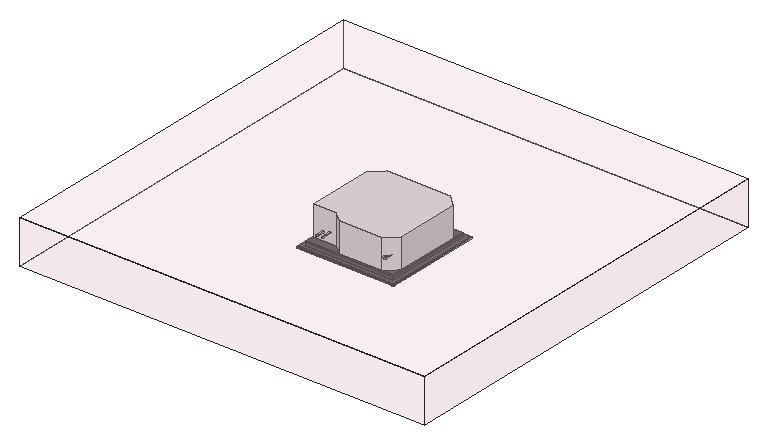
Revit family "Hitachi_Silent-iconic-design-white-EU_LOD400", category Mechanical Equipment, Revit 2018
Family settings
  Round Connector Dimension = Use Diameter
  Classification = None
  Part Type = Normal
  OmniClass Number = 23.75.70.00
  OmniClass Title = HVAC Distribution Devices
  Work Plane-Based = No
  Always vertical = Yes
  Cut with Voids When Loaded = No
  Shared = No
  Room Calculation Point = No
Parameters (values of type "RCI-6.0FSR1 + P-GP160NAP")
  Uniformat code = "D3040"
  Uniformat = "Distribution Systems"
  Sound Pressure Level (hi) = 49
  Sound Pressure Level (Me) = 45
  Sound Pressure Level (Lo) = 49
  Sound Pressure Level (Hi2) = 51
  Refrigerant Type = ""
  Object type = ""
  Nominal Heating Capacity = 18000 W
  Nominal Cooling Capacity = 16000 W
  Clearance Zone [instance] = yes
  Reference description = "Standard (Natural White)"
  Reference = "RCI-6.0FSR1 + P-GP160NAP"
  RCI Height = 298 mm
  Product Code = "RCI-6.0FSRP + P-GP160NAP"
  Overall width = 950 mm
  Overall height = 328 mm
  Overall depth = 950 mm
  Outlet Diameter = 32 mm
  OmniClass description = "Air Handling Units"
  OmniClass code = "23-33 25 00"
  Number of Phases = 1
  Nominal Voltage = 230 V
  Net Weight = 34.50 kg
  Name BIM&CO = "Indoor Unit"
  Model = "4-way cassette Design Panel Silent-Iconic (Standard White) - EU"
  Minimum AC Voltage = 207 V
  Maximum AC Voltage = 253 V
  Masterformat Code = "23 73 00"
  MasterFormat = "Indoor Central-Station Air-Handling Units"
  Liquid Diameter = 9.52 mm
  Indoor fan - Air Flow Rate (Me) = 1080.0 m³/h
  Indoor fan - Air Flow Rate (Lo) = 900.0 m³/h
  Indoor fan - Air Flow Rate (Hi2) = 1620.0 m³/h
  Indoor fan - Air Flow Rate (Hi) = 1380.0 m³/h
  Gas Diameter = 15.88 mm
  GTIN (Global Trade Item Number) = ""
  Frequency = 50 Hz
  Manufacturer = "Hitachi Air Conditioning Europe SAS"
  Connection type = "flare-nut connection"
  BIM&CO code = ""
  BC_VARIANT_ID = "963921"
  BC_OBJECT_VERSION = "#3"  # constant formula
  BC_OBJECT_ID = "428635"  # constant formula
  BC_MODEL_ID = "1194584"  # constant formula
Types (8, lengths in mm): name | Sound Pressure Level (hi) | Sound Pressure Level (Me) | Sound Pressure Level (Lo) | Sound Pressure Level (Hi2) | Nominal Heating Capacity | Nominal Cooling Capacity | Reference | Product Code | Net Weight | Liquid Diameter | Gas Diameter | BC_VARIANT_ID
  RCI-1.0FSR1 + P-GP160NAP | 32 | 30 | 29 | 35 | 3200 W | 2800 W | "RCI-1.0FSR1 + P-GP160NAP" | "RCI-1.0FSRP + P-GP160NAP" | 28.50 kg | 6.35 | 12.7 | "963914"
  RCI-1.5FSR1 + P-GP160NAP | 33 | 32 | 29 | 37 | 4800 W | 4000 W | "RCI-1.5FSR1 + P-GP160NAP" | "RCI-1.5FSRP + P-GP160NAP" | 29.50 kg | 6.35 | 12.7 | "963915"
  RCI-2.0FSR1 + P-GP160NAP | 34 | 32 | 30 | 39 | 6300 W | 5600 W | "RCI-2.0FSR1 + P-GP160NAP" | "RCI-2.0FSRP + P-GP160NAP" | 29.50 kg | 6.35 | 12.7 | "963916"
  RCI-2.5FSR1 + P-GP160NAP | 39 | 35 | 31 | 45 | 8500 W | 7100 W | "RCI-2.5FSR1 + P-GP160NAP" | "RCI-2.5FSRP + P-GP160NAP" | 30.50 kg | 9.52 | 15.88 | "963917"
  RCI-3.0FSR1 + P-GP160NAP | 38 | 34 | 32 | 43 | 9000 W | 8000 W | "RCI-3.0FSR1 + P-GP160NAP" | "RCI-3.0FSRP + P-GP160NAP" | 34.50 kg | 9.52 | 15.88 | "963918"
  RCI-4.0FSR1 + P-GP160NAP | 46 | 41 | 35 | 51 | 12500 W | 11200 W | "RCI-4.0FSR1 + P-GP160NAP" | "RCI-4.0FSRP + P-GP160NAP" | 34.50 kg | 9.52 | 15.88 | "963919"
  RCI-5.0FSR1 + P-GP160NAP | 48 | 43 | 37 | 51 | 16000 W | 14000 W | "RCI-5.0FSR1 + P-GP160NAP" | "RCI-5.0FSRP + P-GP160NAP" | 34.50 kg | 9.52 | 15.88 | "963920"
  RCI-6.0FSR1 + P-GP160NAP | 49 | 45 | 49 | 51 | 18000 W | 16000 W | "RCI-6.0FSR1 + P-GP160NAP" | "RCI-6.0FSRP + P-GP160NAP" | 34.50 kg | 9.52 | 15.88 | "963921"
Reference planes
  plane 1 "Centre (avant/arrière)": y = 0
  plane 2: z = 0
  plane 3 "Centre (gauche/droite)": x = 0
  plane 4: x = -475
  plane 5: x = 475
  plane 6: y = 475
  plane 7: y = -475
  plane 8: z = 28
  plane 9: y = 366.5
  plane 10: y = -366.5
  plane 11: x = -366.5
  plane 12: x = 366.5
  plane 13: z = 326
  plane 14: z = 426
Forms (mm)
  Extrusion 1, solid, material "Hitachi-Steel-White"
    sketch origin (0, 0, -3) x (-1, 0, 0) y (0, 0, 1)
      loop
        line (316.25, -28.5) -> (308.75, -28.5) -> (308.75, -48.5) -> (316.25, -48.5) -> (316.25, -28.5)
      loop
        line (366.25, -28.5) -> (358.75, -28.5) -> (358.75, -48.5) -> (366.25, -48.5) -> (366.25, -28.5)
      loop
        line (341.25, -28.5) -> (333.75, -28.5) -> (333.75, -48.5) -> (341.25, -48.5) -> (341.25, -28.5)
      loop
        line (291.25, -28.5) -> (283.75, -28.5) -> (283.75, -48.5) -> (291.25, -48.5) -> (291.25, -28.5)
      loop
        line (216.25, -28.5) -> (208.75, -28.5) -> (208.75, -48.5) -> (216.25, -48.5) -> (216.25, -28.5)
      loop
        line (266.25, -28.5) -> (258.75, -28.5) -> (258.75, -48.5) -> (266.25, -48.5) -> (266.25, -28.5)
      loop
        line (241.25, -28.5) -> (233.75, -28.5) -> (233.75, -48.5) -> (241.25, -48.5) -> (241.25, -28.5)
      loop
        line (191.25, -28.5) -> (183.75, -28.5) -> (183.75, -48.5) -> (191.25, -48.5) -> (191.25, -28.5)
      loop
        line (116.25, -28.5) -> (108.75, -28.5) -> (108.75, -48.5) -> (116.25, -48.5) -> (116.25, -28.5)
      loop
        line (166.25, -28.5) -> (158.75, -28.5) -> (158.75, -48.5) -> (166.25, -48.5) -> (166.25, -28.5)
      loop
        line (141.25, -28.5) -> (133.75, -28.5) -> (133.75, -48.5) -> (141.25, -48.5) -> (141.25, -28.5)
      loop
        line (91.25, -28.5) -> (83.75, -28.5) -> (83.75, -48.5) -> (91.25, -48.5) -> (91.25, -28.5)
      loop
        line (16.25, -28.5) -> (8.75, -28.5) -> (8.75, -48.5) -> (16.25, -48.5) -> (16.25, -28.5)
      loop
        line (66.25, -28.5) -> (58.75, -28.5) -> (58.75, -48.5) -> (66.25, -48.5) -> (66.25, -28.5)
      loop
        line (41.25, -28.5) -> (33.75, -28.5) -> (33.75, -48.5) -> (41.25, -48.5) -> (41.25, -28.5)
      loop
        line (-316.25, -28.5) -> (-316.25, -48.5) -> (-308.75, -48.5) -> (-308.75, -28.5) -> (-316.25, -28.5)
      loop
        line (-366.25, -28.5) -> (-366.25, -48.5) -> (-358.75, -48.5) -> (-358.75, -28.5) -> (-366.25, -28.5)
      loop
        line (-341.25, -28.5) -> (-341.25, -48.5) -> (-333.75, -48.5) -> (-333.75, -28.5) -> (-341.25, -28.5)
      loop
        line (-291.25, -28.5) -> (-291.25, -48.5) -> (-283.75, -48.5) -> (-283.75, -28.5) -> (-291.25, -28.5)
      loop
        line (-216.25, -28.5) -> (-216.25, -48.5) -> (-208.75, -48.5) -> (-208.75, -28.5) -> (-216.25, -28.5)
      loop
        line (-266.25, -28.5) -> (-266.25, -48.5) -> (-258.75, -48.5) -> (-258.75, -28.5) -> (-266.25, -28.5)
      loop
        line (-241.25, -28.5) -> (-241.25, -48.5) -> (-233.75, -48.5) -> (-233.75, -28.5) -> (-241.25, -28.5)
      loop
        line (-191.25, -28.5) -> (-191.25, -48.5) -> (-183.75, -48.5) -> (-183.75, -28.5) -> (-191.25, -28.5)
      loop
        line (-116.25, -28.5) -> (-116.25, -48.5) -> (-108.75, -48.5) -> (-108.75, -28.5) -> (-116.25, -28.5)
      loop
        line (-166.25, -28.5) -> (-166.25, -48.5) -> (-158.75, -48.5) -> (-158.75, -28.5) -> (-166.25, -28.5)
      loop
        line (-141.25, -28.5) -> (-141.25, -48.5) -> (-133.75, -48.5) -> (-133.75, -28.5) -> (-141.25, -28.5)
      loop
        line (-91.25, -28.5) -> (-91.25, -48.5) -> (-83.75, -48.5) -> (-83.75, -28.5) -> (-91.25, -28.5)
      loop
        line (-16.25, -28.5) -> (-16.25, -48.5) -> (-8.75, -48.5) -> (-8.75, -28.5) -> (-16.25, -28.5)
      loop
        line (-66.25, -28.5) -> (-66.25, -48.5) -> (-58.75, -48.5) -> (-58.75, -28.5) -> (-66.25, -28.5)
      loop
        line (-41.25, -28.5) -> (-41.25, -48.5) -> (-33.75, -48.5) -> (-33.75, -28.5) -> (-41.25, -28.5)
    from -366.5 to 366.5
  Sweep 2, solid, material "Hitachi-Plastic-Black"
    path origin (0, 0, 0) x (1, 0, 0) y (0, 1, 0)
      loop
        line (-475, 475) -> (-475, -475) -> (475, -475) -> (475, 475) -> (-475, 475)
    profile origin (-475, 0, 0) x (1, 0, 0) y (0, 0, 1)
      loop
        line (0, -3) -> (0.996, -14.347)
        arc (0.996, -14.347) -> (1.577, -15.524) -> (2.8, -16) r 1.811
        line (2.8, -16) -> (49, -16) -> (49, -20) -> (107.5, -20) -> (107.5, -24.5) -> (108.5, -24.5) -> (117, -27.9) -> (117, -29.5) -> (108.5, -29.5) -> (108.5, -31.5) -> (203.947, -31.5) -> (203.947, 40) -> (49.035, 40) -> (49.035, 29.684) -> (46.438, 0) -> (8.343, 0) -> (8.343, -3) -> (0, -3)
  Extrusion 3, solid, material "Hitachi-Plastic-Black"
    sketch origin (0, 0, 0) x (1, 0, 0) y (0, 1, 0)
      loop
        line (-271.053, 271.053) -> (-271.053, -271.053) -> (271.053, -271.053) -> (271.053, 271.053) -> (-271.053, 271.053)
    from -24.5 to 40
Cuts and joins
  joined: Sweep 2, Extrusion 3
Dimensions and locks
  equal spacing: plane 4, plane 3 "Centre (gauche/droite)", plane 5
  "Overall width": plane 4 to plane 5
  equal spacing: plane 6, plane 1 "Centre (avant/arrière)", plane 7
  "Overall depth": plane 6 to plane 7
  locked: plane 8 to plane 2 at 28
  locked: plane 14 to plane 13 at 100
  "RCI Height": plane 13 to plane 8
  aligned and locked: level to plane 2
  aligned and locked: Sweep 2 sketch curve to plane 4
  aligned and locked: Sweep 2 sketch curve to plane 6
  aligned and locked: plane 5 to Sweep 2 sketch curve
  aligned and locked: Sweep 2 sketch curve to plane 7
  aligned and locked: plane 3 "Centre (gauche/droite)" to nested 1
  aligned and locked: plane 1 "Centre (avant/arrière)" to nested 1
Automatic sketch dimensions
  plane 11 to Extrusion 3 sketch curve = 95.447 mm
  Extrusion 3 sketch curve to plane 12 = 95.447 mm
  plane 10 to Extrusion 3 sketch curve = 95.447 mm
  Extrusion 3 sketch curve to plane 9 = 95.447 mm
  Extrusion 1 sketch curve to plane 12 = 0.25 mm
  Extrusion 1 sketch curve to Extrusion 1 sketch curve = 7.5 mm  (x29)
  Extrusion 1 sketch curve to Extrusion 1 sketch curve = 17.5 mm  (x26)
  plane 3 "Centre (gauche/droite)" to Extrusion 1 sketch curve = 16.25 mm
  Extrusion 1 sketch curve to plane 3 "Centre (gauche/droite)" = 8.75 mm
  plane 11 to Extrusion 1 sketch curve = 7.75 mm
  plane 11 to Extrusion 1 sketch curve = 0.25 mm
  Extrusion 1 sketch curve to level = 51.5 mm  (x5)
  Extrusion 1 sketch curve to Extrusion 1 sketch curve = 0 mm  (x45)
  Extrusion 1 sketch curve to Extrusion 1 sketch curve = 20 mm  (x10)
  profile plane to Sweep 2 sketch curve = 0 mm
  Sweep 2 sketch curve to level = 0 mm
  Sweep 2 sketch curve to profile plane = 0.996 mm
  Sweep 2 sketch curve to Sweep 2 sketch curve = 1.804 mm
  Sweep 2 sketch curve to profile plane = 8.343 mm
  Sweep 2 sketch curve to level = 20 mm
  Sweep 2 sketch curve to Sweep 2 sketch curve = 40.657 mm
  Sweep 2 sketch curve to profile plane = 49.035 mm
  Sweep 2 sketch curve to Sweep 2 sketch curve = 58.5 mm
  Sweep 2 sketch curve to level = 24.5 mm
  Sweep 2 sketch curve to Sweep 2 sketch curve = 1 mm
  Sweep 2 sketch curve to Sweep 2 sketch curve = 0 mm
  Sweep 2 sketch curve to Sweep 2 sketch curve = 8.5 mm
  Sweep 2 sketch curve to level = 31.5 mm
  Sweep 2 sketch curve to Sweep 2 sketch curve = 86.947 mm
  Sweep 2 sketch curve to Sweep 2 sketch curve = 2 mm
  Sweep 2 sketch curve to Sweep 2 sketch curve = 1.6 mm
  Sweep 2 sketch curve to Sweep 2 sketch curve = 4 mm
  Sweep 2 sketch curve to Sweep 2 sketch curve = 1.653 mm
  Sweep 2 sketch curve to level = 3 mm
  level to Sweep 2 sketch curve = 40 mm
  Sweep 2 sketch curve to Sweep 2 sketch curve = 2.562 mm
  Sweep 2 sketch curve to Sweep 2 sketch curve = 10.316 mm
Nested families
  nested 1: "Cassette 800 x 800 RCI FSR" at (0, 0, 28), type "Cassette 800 x 800 RCI FSR"
    with Overall height 298 mm
  nested 2: "BC_Clearance-zone" at (0, 1164.917, -51.5), visible <- "Clearance Zone", type "BC_Clearance-zone"
    with Width 3950 mm, Height 427.5 mm, Depth 3950 mm
Connectors
  piping at (-325, -420, 118), diameter 609.6
    settings: on nested 1, index 1, connector inside diameter 609.6 mm, connector length 0 mm, flow factor 0, pipe flow 0.0 L/s, pressure drop 0.0 Pa, fitting loss kfactor 0, connector angle 0.00°, fixture units 0, engagement length 0 mm, angle of deflection 0.00°, flow configuration 0, flow direction 0, fitting loss method 0, system type 7, joint type 0, gender type 0, connector reference index -1, connector utility 0, adjustable connector no, is connector primary yes, connector description ""
  piping at (-260, -430, 135), diameter 9.5
    settings: on nested 1, index 2, connector inside diameter 609.6 mm, connector length 0 mm, flow factor 0, pipe flow 0.0 L/s, pressure drop 0.0 Pa, fitting loss kfactor 0, connector angle 0.00°, fixture units 0, engagement length 0 mm, angle of deflection 0.00°, flow configuration 0, flow direction 0, fitting loss method 0, system type 7, joint type 0, gender type 0, connector reference index -1, connector utility 0, adjustable connector no, is connector primary no, connector description ""
  piping at (338, -420, 162), diameter 25
    settings: on nested 1, index 3, connector inside diameter 609.6 mm, connector length 0 mm, flow factor 0, pipe flow 0.0 L/s, pressure drop 0.0 Pa, fitting loss kfactor 0, connector angle 0.00°, fixture units 0, engagement length 0 mm, angle of deflection 0.00°, flow configuration 0, flow direction 0, fitting loss method 0, system type 7, joint type 0, gender type 0, connector reference index -1, connector utility 0, adjustable connector no, is connector primary no, connector description ""
  electrical at (0.274, -40.571, 326), driven by "Nominal Voltage"
    settings: on nested 1, index 4, voltage 230 V, apparent load 0 VA, apparent load phase1 0 VA, apparent load phase2 0 VA, apparent load phase3 0 VA, power factor 1, load classification "Autre", number of poles 1, system type 31, power factor state 1, is connector primary yes, connector utility no, sub classification motor no, connector description ""
Definition of nested family "Cassette 800 x 800 RCI FSR"
  Parameters (values of type "Cassette 800 x 800 RCI FSR")
    URL = ""
    Overall height = 248 mm
    Outlet Diameter = 25 mm
    Liquid Diameter = 6.35 mm
    Gas Diameter = 12.7 mm
    Description = "Standard Cassette 800*800.Individual control setting for each louver. Suitable up to 4,2 m height under ceiling . Optional motion sensor"
    Model = "Cassette 800 x 800 RCI FSR"
    Manufacturer = "Hitachi Air Conditioning Europe SAS"
    Default Elevation = 1219.2 mm
    Type Comments = ""
  Reference planes
    plane 1 "Centre (avant/arrière)": y = 0
    plane 2: z = 0
    plane 3 "Centre (gauche/droite)": x = 0
    plane 4 "Back": y = 420
    plane 5 "Right": x = 420
    plane 6 "Left": x = -420
    plane 7 "Front": y = -420
    plane 8: z = 0
    plane 9 "Top": z = 248
  Forms (mm)
    Extrusion 1, solid
      sketch origin (0, 0, 0) x (1, 0, 0) y (0, 1, 0)
        loop
          line (-306.863, 420) -> (-420, 306.863) -> (-420, -336) -> (-204.8, -336) -> (-99.6, -420) -> (306.863, -420) -> (420, -306.863) -> (420, 306.863) -> (306.863, 420) -> (-306.863, 420)
      from 248 to 0
    Extrusion 2, solid
      sketch origin (55, -336, -18) x (-1, 0, 0) y (0, 0, -1)
        loop
          circle (380, -108) r 6.35
      from 0 to 84
    Extrusion 3, solid
      sketch origin (0, -336, 16) x (-1, 0, 0) y (0, 0, -1)
        loop
          circle (260, -91) r 3.175
      from 0 to 94
    Extrusion 4, solid
      sketch origin (0, -336, 148) x (-1, 0, 0) y (0, 0, -1)
        loop
          circle (-338, 14) r 12.5
      from 0 to 84
  Dimensions and locks
    equal spacing: plane 6 "Left", plane 3 "Centre (gauche/droite)", plane 5 "Right"
    equal spacing: plane 7 "Front", plane 1 "Centre (avant/arrière)", plane 4 "Back"
    plane 6 "Left" to plane 5 "Right" = 840 mm
    plane 4 "Back" to plane 7 "Front" = 840 mm
    "Overall height": plane 9 "Top" to plane 8
    locked: Extrusion 4 sketch curve to plane 8 at 134
    locked: Extrusion 2 sketch curve to plane 8 at 90
    locked: Extrusion 3 sketch curve to plane 8 at 107
    "Gas Diameter": diameter of Extrusion 2 sketch curve
    "Liquid Diameter": diameter of Extrusion 3 sketch curve
    "Outlet Diameter": diameter of Extrusion 4 sketch curve
    aligned and locked: Extrusion 1 sketch curve to plane 7 "Front"
    aligned and locked: Extrusion 1 sketch curve to plane 5 "Right"
    aligned and locked: Extrusion 1 sketch curve to plane 4 "Back"
    aligned and locked: plane 7 "Front" to Extrusion 1 sketch curve
    aligned and locked: Extrusion 1 to plane 9 "Top"
    aligned and locked: Extrusion 1 to plane 8
  Automatic sketch dimensions
    Extrusion 1 sketch curve to plane 6 "Left" = 0 mm
    plane 6 "Left" to Extrusion 1 sketch curve = 113.137 mm
    plane 7 "Front" to Extrusion 1 sketch curve = 84 mm
    plane 3 "Centre (gauche/droite)" to Extrusion 1 sketch curve = 204.8 mm
    plane 3 "Centre (gauche/droite)" to Extrusion 1 sketch curve = 99.6 mm
    plane 5 "Right" to Extrusion 1 sketch curve = 113.137 mm  (x2)
    plane 4 "Back" to Extrusion 1 sketch curve = 113.137 mm  (x2)
    plane 7 "Front" to Extrusion 1 sketch curve = 113.137 mm
    Extrusion 2 sketch curve to plane 6 "Left" = 95 mm
    Extrusion 3 sketch curve to plane 6 "Left" = 160 mm
    Extrusion 4 sketch curve to plane 5 "Right" = 82 mm
Definition of nested family "BC_Clearance-zone"
  Parameters (values of type "BC_Clearance-zone")
    Width [instance] = 2500 mm
    Height [instance] = 1400 mm
    Depth [instance] = 1600 mm
  Reference planes
    plane 1 "Centre (avant/arrière)": y = 0
    plane 2: z = 0
    plane 3 "Centre (gauche/droite)": x = 0
    plane 4: x = -1250
    plane 5: x = 1250
    plane 6: y = 810.083
    plane 7: y = -789.917
    plane 8: z = 1400
  Forms (mm)
    Extrusion 1, solid
      sketch origin (0, 0, 0) x (1, 0, 0) y (0, 1, 0)
        loop
          line (-1250, 810.083) -> (-1250, -789.917) -> (1250, -789.917) -> (1250, 810.083) -> (-1250, 810.083)
      from 0 to 1400
  Lines and regions (mm)
    symbolic lines
      curve 1: line (0, 810.083, 1400) -> (0, -789.917, 1400)
      curve 2: line (0, 810.083, 0) -> (0, 810.083, 1400)
      curve 3: line (0, -789.917, 0) -> (0, 810.083, 0)
      curve 4: line (0, -789.917, 1400) -> (0, -789.917, 0)
      curve 5: line (-1250, 0, 1400) -> (1250, 0, 1400)
      curve 6: line (-1250, 0, 0) -> (-1250, 0, 1400)
      curve 7: line (1250, 0, 0) -> (-1250, 0, 0)
      curve 8: line (1250, 0, 1400) -> (1250, 0, 0)
      curve 9: line (-1250, 810.083, 0) -> (1250, 810.083, 0)
      curve 10: line (-1250, -789.917, 0) -> (-1250, 810.083, 0)
      curve 11: line (1250, -789.917, 0) -> (-1250, -789.917, 0)
      curve 12: line (1250, 810.083, 0) -> (1250, -789.917, 0)
  Dimensions and locks
    equal spacing: plane 4, plane 3 "Centre (gauche/droite)", plane 5
    "Width": plane 4 to plane 5
    plane 6 to plane 1 "Centre (avant/arrière)" to plane 7 = 810.083 mm, 789.917 mm
    "Depth": plane 6 to plane 7
    "Height": plane 8 to plane 2
    aligned and locked: level to plane 2
    aligned and locked: Extrusion 1 sketch curve to plane 6
    aligned and locked: plane 5 to Extrusion 1 sketch curve
    aligned and locked: plane 7 to Extrusion 1 sketch curve
    aligned and locked: plane 4 to Extrusion 1 sketch curve
    aligned and locked: plane 8 to Extrusion 1
    aligned and locked: curve 1 to plane 8
    aligned and locked: plane 2 to curve 3
    aligned and locked: plane 7 to curve 4
    aligned and locked: curve 2 to plane 6
  Automatic sketch dimensions
    curve 7 to level = 0 mm
    curve 7 to plane 4 = 0 mm
    plane 5 to curve 7 = 0 mm
    curve 6 to plane 8 = 0 mm
    curve 11 to plane 4 = 0 mm
    curve 11 to plane 5 = 0 mm
    curve 11 to plane 7 = 0 mm
    curve 10 to plane 6 = 0 mm
